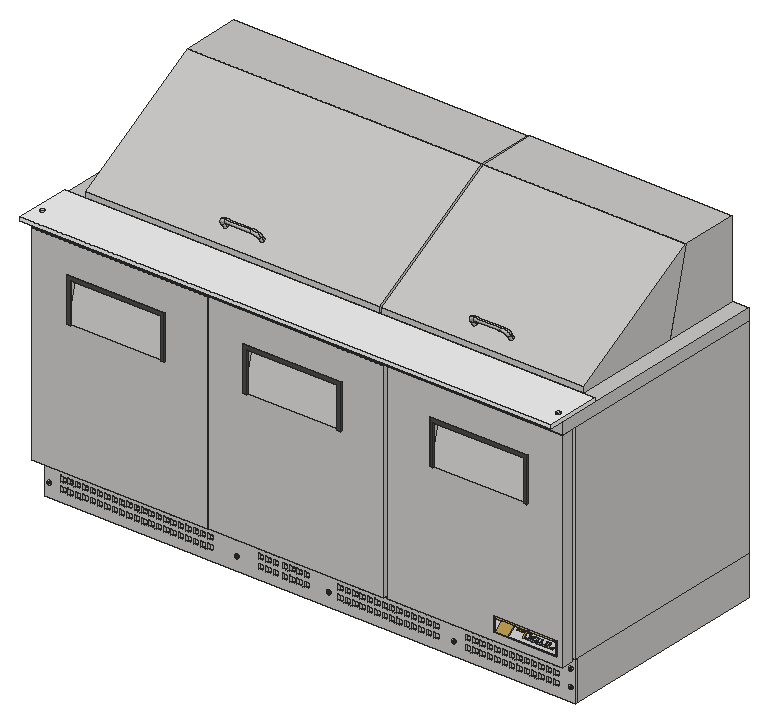
Revit family
Parameters
  Weight = "530"
  Watts = FL Amps * Volts  # 586.5 W
  Volts = 115 V
  URL Manufacturer = "www.truemfg.com"
  URL Cutsheet = "www.truemfg.com"
  URL = "www.truemfg.com"
  Type Mark [instance] = ""
  Status [instance] = ""
  Specification by User [instance] = ""
  Specification by Manufacturer = ""
  Show Logo [instance] = yes
  Show Clearance [instance] = yes
  Serial Number = ""
  Seismic Rating = ""
  SMACNA No = ""
  Revision Code [instance] = ""
  Phase = 1
  Omniclass Number and Title = ""
  Number of Poles [instance] = 1
  NAFEM Spec ID Number = ""
  Model = "TFP-72-30M"
  Min Ckt Ampacity = 0 A
  Max Overcurrent Protection = 0 A
  MasterSpec. = ""
  Manufacturer = "TRUE FOOD SERVICE EQUIPMENT, INC."
  Item Number [instance] = ""
  Installed By [instance] = ""
  Identify Quantity as Lot [instance] = yes
  HP = "1/3"
  Furnished By [instance] = ""
  Foodservice Equipment Identifier [instance] = yes
  FL Amps = 5.1 A
  Electrical Remarks [instance] = ""
  Electric Connection Type [instance] = ""
  Elec Conn RI Height [instance] = 0"
  Elec Conn Connection Height [instance] = 0"
  Description = "FOOD PREP UNIT"
  Cycle = 60 Hz
  Conn Plug = "5-15P"
  Conn Conduit = yes
  CSI MasterFormat = ""
  CSI Master Format = ""
  Apparent Power = if(Phase = 3, Volts * FL Amps * 1.73, Volts * FL Amps)  # 586.5 VA
Reference planes (in)
  plane 1 "BACK": y = -16.5
  plane 2: z = 0
  plane 3 "LEFT": x = 0
  plane 4 "RIGHT": x = 72.125
  plane 5 "FRONT": y = -50.03125
  plane 6 "TOP": z = 46.5
  plane 7: x = 64.125
  plane 8: x = 21.1875
  plane 9: x = 72.125
  plane 10: x = 56.1875
  plane 11: y = -70.5
Forms (in)
  Extrusion 1, solid, material "QF_Finishes_Stainless Steel"
    sketch origin (5.23438, 0, 0) x (0, 1, 0) y (0, 0, 1)
      loop
        line (-16.5, 36) -> (-16.5, 46.5) -> (-24.34375, 46.5) -> (-27.1875, 36) -> (-16.5, 36)
    from -3.01563 to 36.95313
  Extrusion 2, solid, material "QF_Finishes_Stainless Steel"
    sketch origin (2.15638, 0, 0) x (0, 1, 0) y (0, 0, 1)
      loop
        line (-27.1875, 36) -> (-24.34375, 46.5) -> (-41.71875, 36.68893) -> (-41.71875, 36) -> (-27.1875, 36)
    from 0.06237 to 40.03112
  Extrusion 3, solid, material "QF_Finishes_Stainless Steel"
    sketch origin (0, 0, 0) x (0, 1, 0) y (0, 0, 1)
      loop
        line (-48, 36) -> (-48, 34.40823) -> (-16.5, 34.40823) -> (-16.5, 36) -> (-48, 36)
    from 0 to 72.125
  Extrusion 4, solid, material "QF_Finishes_Stainless Steel"
    sketch origin (0, 0, 0) x (0, 1, 0) y (0, 0, 1)
      loop
        line (-45.87, 34.40823) -> (-45.87, 6.04042) -> (-16.96875, 6.04042) -> (-16.96875, 3.25) -> (-45.12, 3.25) -> (-45.12, 1) -> (-45.62, 1) -> (-45.62, 0.75) -> (-44.87, 0.75) -> (-44.87, 3) -> (-16.96875, 3) -> (-16.96875, 0.75) -> (-16.5, 0.75) -> (-16.5, 34.40823) -> (-45.87, 34.40823)
    from 0 to 72.125
  Extrusion 5, solid, material "QF_Finishes_Stainless Steel"
    sketch origin (0, -16.5, 0) x (1, 0, 0) y (0, 0, 1)
      loop
        line (0, 0.75) -> (0.53645, 0.75) -> (0.53645, 6.04042) -> (0, 6.04042) -> (0, 0.75)
    from 0 to 29.12
  Extrusion 6, solid, material "QF_Finishes_White"
    sketch origin (0, 0, 0) x (0, 1, 0) y (0, 0, 1)
      loop
        line (-50.03125, 36.5) -> (-50.03125, 36) -> (-42.53125, 36) -> (-42.53125, 36.5) -> (-50.03125, 36.5)
    from 0 to 72.125
  Sweep 7, solid, material "QF_Finishes_Stainless Steel"
    path origin (5.98818, -19.52146, 7.92906) x (1, 0, 0) y (0, -0.560766, 0.827974)
      loop
        line (18.42574, 36.0969) -> (18.42574, 36.8469)
        arc (18.42574, 36.8469) -> (18.29892, 37.15309) -> (17.99273, 37.27992) r 0.43301
        line (17.99273, 37.27992) -> (14.37051, 37.27992)
        arc (14.37051, 37.27992) -> (14.06433, 37.15309) -> (13.9375, 36.8469) r 0.43301
        line (13.9375, 36.8469) -> (13.9375, 36.0969)
    profile origin (19.92568, -39.97367, 38.12686) x (1, 0, 0) y (0, -0.827974, -0.560766)
      loop
        circle (-0.25, 0) r 0.25
  Extrusion 8, solid, material "QF_Finishes_Handrails and Railings"
    sketch origin (0, -45.87, 0) x (1, 0, 0) y (0, 0, 1)
      loop
        circle (0.625, 4.80001) r 0.25
      loop
        circle (0.625, 2.55001) r 0.25
      loop
        line (0.60938, 4.93254) -> (0.60938, 4.81564) -> (0.49788, 4.81564) -> (0.49788, 4.78439) -> (0.60938, 4.78439) -> (0.60938, 4.66749) -> (0.64063, 4.66749) -> (0.64063, 4.78439) -> (0.75212, 4.78439) -> (0.75212, 4.81564) -> (0.64063, 4.81564) -> (0.64063, 4.93254) -> (0.60938, 4.93254)
      loop
        line (0.60937, 2.68254) -> (0.60937, 2.56564) -> (0.49788, 2.56564) -> (0.49788, 2.53439) -> (0.60937, 2.53439) -> (0.60937, 2.41749) -> (0.64062, 2.41749) -> (0.64062, 2.53439) -> (0.75212, 2.53439) -> (0.75212, 2.56564) -> (0.64062, 2.56564) -> (0.64062, 2.68254) -> (0.60937, 2.68254)
    from 0 to 0.0625
  Extrusion 9, solid, material "QF_Finishes_Satin - Goldenrod", visible <- "Show Logo"
    sketch origin (61.86083, -13.23203, -22.37075) x (1, 0, 0) y (0, 0, 1)
      loop
        line (4.18351, 31.09206) -> (4.10478, 30.92323) -> (5.15208, 30.92323)
        arc (5.15208, 30.92323) -> (5.17333, 30.88564) -> (5.15208, 30.84805) r 0.04386
        line (5.15208, 30.84805) -> (4.87892, 30.26228)
        arc (4.87892, 30.26228) -> (4.87656, 30.20802) -> (4.91325, 30.16798) r 0.07096
        line (4.91325, 30.16798) -> (5.5829, 30.16798)
        arc (5.5829, 30.16798) -> (5.66746, 30.19464) -> (5.72144, 30.26498) r 0.14742
        line (5.72144, 30.26498) -> (5.9364, 30.72597) -> (6.1339, 30.72597)
        arc (6.1339, 30.72597) -> (6.18572, 30.70692) -> (6.17822, 30.65222) r 0.04405
        line (6.17822, 30.65222) -> (5.99835, 30.26649)
        arc (5.99835, 30.26649) -> (6.00115, 30.20243) -> (6.05523, 30.16798) r 0.06943
        line (6.05523, 30.16798) -> (6.64365, 30.16798)
        arc (6.64365, 30.16798) -> (6.68873, 30.18439) -> (6.71272, 30.22594) r 0.07014
        arc (6.71272, 30.22594) -> (6.7297, 30.18495) -> (6.77068, 30.16798) r 0.05796
        line (6.77068, 30.16798) -> (7.14325, 30.16798)
        arc (7.14325, 30.16798) -> (7.18629, 30.17951) -> (7.2178, 30.21102) r 0.08608
        arc (7.2178, 30.21102) -> (7.23289, 30.1746) -> (7.26931, 30.15952) r 0.0515
        line (7.26931, 30.15952) -> (7.79882, 30.15952)
        arc (7.79882, 30.15952) -> (7.84211, 30.17745) -> (7.86005, 30.22074) r 0.06122
        arc (7.86005, 30.22074) -> (7.89973, 30.18105) -> (7.95394, 30.16653) r 0.10842
        line (7.95394, 30.16653) -> (8.94586, 30.16653) -> (9.05604, 30.35737) -> (8.05555, 30.35737)
        arc (8.05555, 30.35737) -> (8.02794, 30.37652) -> (8.02691, 30.41011) r 0.03732
        line (8.02691, 30.41011) -> (8.04422, 30.44722)
        arc (8.04422, 30.44722) -> (8.07079, 30.48203) -> (8.11255, 30.49524) r 0.07263
        line (8.11255, 30.49524) -> (8.43414, 30.49524)
        arc (8.43414, 30.49524) -> (8.50355, 30.51383) -> (8.55436, 30.56465) r 0.13882
        line (8.55436, 30.56465) -> (8.6475, 30.72597)
        arc (8.6475, 30.72597) -> (8.6475, 30.81208) -> (8.57293, 30.85513) r 0.08611
        line (8.57293, 30.85513) -> (8.23352, 30.85513)
        arc (8.23352, 30.85513) -> (8.14699, 30.84044) -> (8.08663, 30.77673) r 0.13863
        line (8.08663, 30.77673) -> (7.92534, 30.43083)
        arc (7.92534, 30.43083) -> (7.87774, 30.3688) -> (7.80316, 30.34528) r 0.13002
        line (7.80316, 30.34528) -> (7.45109, 30.34528)
        arc (7.45109, 30.34528) -> (7.40895, 30.39128) -> (7.41167, 30.4536) r 0.08151
        line (7.41167, 30.4536) -> (7.59891, 30.85513) -> (7.47974, 30.85513) -> (7.28137, 30.42972)
        arc (7.28137, 30.42972) -> (7.24283, 30.37949) -> (7.18244, 30.36046) r 0.10527
        line (7.18244, 30.36046) -> (6.93967, 30.36046)
        arc (6.93967, 30.36046) -> (6.89865, 30.41392) -> (6.90744, 30.48073) r 0.08805
        line (6.90744, 30.48073) -> (7.08203, 30.85513) -> (6.95897, 30.85513) -> (6.75801, 30.42418)
        arc (6.75801, 30.42418) -> (6.71136, 30.37753) -> (6.64764, 30.36046) r 0.12745
        line (6.64764, 30.36046) -> (6.29609, 30.36046)
        arc (6.29609, 30.36046) -> (6.23295, 30.3899) -> (6.22688, 30.4593) r 0.06967
        line (6.22688, 30.4593) -> (6.34243, 30.70711) -> (6.50577, 30.70711)
        arc (6.50577, 30.70711) -> (6.53334, 30.79018) -> (6.592, 30.85513) r 0.21289
        line (6.592, 30.85513) -> (5.95369, 30.85513)
        arc (5.95369, 30.85513) -> (5.88276, 30.83941) -> (5.83367, 30.78584) r 0.12081
        line (5.83367, 30.78584) -> (5.66065, 30.4148)
        arc (5.66065, 30.4148) -> (5.62087, 30.37502) -> (5.56653, 30.36046) r 0.10869
        line (5.56653, 30.36046) -> (5.18545, 30.36046)
        arc (5.18545, 30.36046) -> (5.15571, 30.40065) -> (5.16137, 30.45033) r 0.06822
        line (5.16137, 30.45033) -> (5.41281, 30.92323) -> (6.04721, 30.92323) -> (6.12594, 31.09206) -> (5.49154, 31.09206) -> (5.57027, 31.2609) -> (5.34459, 31.2609) -> (5.26586, 31.09206) -> (4.18351, 31.09206)
      loop
        arc (8.19062, 30.70184) -> (8.16316, 30.69448) -> (8.14305, 30.67438) r 0.05494
        line (8.14305, 30.67438) -> (8.12672, 30.62415)
        arc (8.12672, 30.62415) -> (8.13429, 30.60587) -> (8.15258, 30.59829) r 0.02586
        line (8.15258, 30.59829) -> (8.43014, 30.59829)
        arc (8.43014, 30.59829) -> (8.45013, 30.60273) -> (8.46638, 30.6152) r 0.04731
        line (8.46638, 30.6152) -> (8.47988, 30.6777)
        arc (8.47988, 30.6777) -> (8.47591, 30.69443) -> (8.46039, 30.70184) r 0.01994
        line (8.46039, 30.70184) -> (8.19062, 30.70184)
      loop
        line (1.13539, 29.6475) -> (2.84485, 29.6475) -> (3.77016, 31.25018) -> (2.0607, 31.25018) -> (1.13539, 29.6475)
    from 34.76797 to 34.83173
  Extrusion 10, solid, material "QF_Finishes_White", visible <- "Show Logo"
    sketch origin (-2.64127, -13.25, -25.21535) x (1, 0, 0) y (0, 0, 1)
      loop
        line (73.84232, 34.15728) -> (65.51732, 34.15728) -> (65.51732, 32.4296) -> (73.84232, 32.4296) -> (73.84232, 34.15728)
    from 34.75 to 34.76797
  Extrusion 11, solid, material "QF_Finishes_Satin - Goldenrod", visible <- "Show Logo"
    sketch origin (-2.64127, -13.25, -25.21535) x (1, 0, 0) y (0, 0, 1)
      loop
        line (73.97982, 34.29477) -> (65.37982, 34.29477) -> (65.37982, 32.2921) -> (73.97982, 32.2921) -> (73.97982, 34.29477)
      loop
        line (65.51732, 34.15728) -> (65.51732, 32.4296) -> (73.84232, 32.4296) -> (73.84232, 34.15728) -> (65.51732, 34.15728)
    from 34.75 to 34.80335
  Revolve 12, solid, material "QF_Finishes_Black"
    sketch origin (1.76401, -42.04829, 0.25) x (1, 0, 0) y (0, 0, 1)
      loop
        line (2.62908, 2.14592) -> (2.525, 2.25) -> (1.475, 2.25) -> (1.375, 2.15) -> (1.375, 1.10871) -> (1.05969, 1.10871) -> (1.05969, 1) -> (2.94031, 1) -> (2.94031, 1.10871) -> (2.62908, 1.10871) -> (2.62908, 2.14592)
      axis (2.94031, 1) -> (1.05969, 1)
    angle from 0 to 360
  Revolve 13, solid, material "QF_Finishes_Chrome - Satin"
    sketch origin (1.76605, -42.79776, -2.97972) x (1, 0, 0) y (0, 0, 1)
      loop
        line (2, 5.74546) -> (2, 5.97972) -> (0.70293, 5.97972) -> (0.70293, 5.74546) -> (2, 5.74546)
      axis (2, 5.74546) -> (2, 5.97972)
    angle from 0 to 360
  Extrusion 14, solid, material "QF_Finishes_Handrails and Railings"
    sketch origin (-46.0152, -14.33096, -2.47972) x (0, 1, 0) y (0, 0, 1)
      loop
        line (-29.85761, 5.24546) -> (-29.85761, 5.04886) -> (-27.1095, 5.04886) -> (-27.1095, 5.24546) -> (-29.85761, 5.24546)
    from 49.10625 to 50.45625
  Extrusion 15, solid, material "QF_Finishes_Handrails and Railings"
    sketch origin (1.76605, -12.67471, -2.21999) x (0, 1, 0) y (0, 0, 1)
      loop
        line (-31.51386, 4.98574) -> (-31.51386, 4.78914) -> (-31.17057, 4.78914) -> (-29.89421, 3.10275)
        arc (-29.89421, 3.10275) -> (-29.21858, 2.8289) -> (-28.76575, 3.40024) r 0.60806
        line (-28.76575, 3.40024) -> (-28.76575, 4.98574) -> (-31.51386, 4.98574)
    from 1.175 to 1.325
  Extrusion 16, solid, material "QF_Finishes_Handrails and Railings"
    sketch origin (5.76605, -12.67471, -2.21999) x (0, 1, 0) y (0, 0, -1)
      loop
        line (-31.51386, -4.98574) -> (-28.76575, -4.98574) -> (-28.76575, -3.40024)
        arc (-28.76575, -3.40024) -> (-29.21858, -2.8289) -> (-29.89421, -3.10275) r 0.60806
        line (-29.89421, -3.10275) -> (-31.17057, -4.78914) -> (-31.51386, -4.78914) -> (-31.51386, -4.98574)
    from 1.175 to 1.325
  Revolve 17, solid, material "QF_Finishes_Black"
    sketch origin (1.76401, -18.86079, 0.25) x (1, 0, 0) y (0, 0, 1)
      loop
        line (2.62908, 2.14592) -> (2.525, 2.25) -> (1.475, 2.25) -> (1.375, 2.15) -> (1.375, 1.10871) -> (1.05969, 1.10871) -> (1.05969, 1) -> (2.94031, 1) -> (2.94031, 1.10871) -> (2.62908, 1.10871) -> (2.62908, 2.14592)
      axis (2.94031, 1) -> (1.05969, 1)
    angle from 0 to 360
  Revolve 18, solid, material "QF_Finishes_Chrome - Satin"
    sketch origin (1.76605, -19.61026, -2.97972) x (1, 0, 0) y (0, 0, 1)
      loop
        line (2, 5.74546) -> (2, 5.97972) -> (0.70293, 5.97972) -> (0.70293, 5.74546) -> (2, 5.74546)
      axis (2, 5.74546) -> (2, 5.97972)
    angle from 0 to 360
  Extrusion 19, solid, material "QF_Finishes_Handrails and Railings"
    sketch origin (-46.0152, 8.85654, -2.47972) x (0, 1, 0) y (0, 0, 1)
      loop
        line (-29.85761, 5.24546) -> (-29.85761, 5.04886) -> (-27.1095, 5.04886) -> (-27.1095, 5.24546) -> (-29.85761, 5.24546)
    from 49.10625 to 50.45625
  Extrusion 20, solid, material "QF_Finishes_Handrails and Railings"
    sketch origin (1.76605, 10.51279, -2.21999) x (0, 1, 0) y (0, 0, 1)
      loop
        line (-31.51386, 4.98574) -> (-31.51386, 4.78914) -> (-31.17057, 4.78914) -> (-29.89421, 3.10275)
        arc (-29.89421, 3.10275) -> (-29.21858, 2.8289) -> (-28.76575, 3.40024) r 0.60806
        line (-28.76575, 3.40024) -> (-28.76575, 4.98574) -> (-31.51386, 4.98574)
    from 1.175 to 1.325
  Extrusion 21, solid, material "QF_Finishes_Handrails and Railings"
    sketch origin (5.76605, 10.51279, -2.21999) x (0, 1, 0) y (0, 0, -1)
      loop
        line (-31.51386, -4.98574) -> (-28.76575, -4.98574) -> (-28.76575, -3.40024)
        arc (-28.76575, -3.40024) -> (-29.21858, -2.8289) -> (-29.89421, -3.10275) r 0.60806
        line (-29.89421, -3.10275) -> (-31.17057, -4.78914) -> (-31.51386, -4.78914) -> (-31.51386, -4.98574)
    from 1.175 to 1.325
  Extrusion 22, solid, material "QF_Finishes_Stainless Steel"
    sketch origin (40, -16.5, 0) x (1, 0, 0) y (0, 0, 1)
      loop
        circle (29.81237, 6.1875) r 0.25
    from 0 to 0.125
  Extrusion 23, solid, material "QF_Finishes_Handrails and Railings"
    sketch origin (0, 0, 36.5) x (1, 0, 0) y (0, 1, 0)
      loop
        circle (1, -47.5255) r 0.25
    from 0 to 0.0625
  Extrusion 24, solid, material "QF_Finishes_Stainless Steel"
    sketch origin (8, -16, 0) x (1, 0, 0) y (0, 0, 1)
      loop
        line (-8, 0.75) -> (64.125, 0.75) -> (64.125, 6.05001) -> (-8, 6.05001) -> (-8, 0.75)
      loop
        line (-5.8125, 5.23339) -> (-5.8125, 4.48339) -> (-5.0625, 4.48339) -> (-5.0625, 5.23339) -> (-5.8125, 5.23339)
      loop
        line (-3.8125, 5.23339) -> (-3.8125, 4.48339) -> (-3.0625, 4.48339) -> (-3.0625, 5.23339) -> (-3.8125, 5.23339)
      loop
        line (-1.8125, 5.23339) -> (-1.8125, 4.48339) -> (-1.0625, 4.48339) -> (-1.0625, 5.23339) -> (-1.8125, 5.23339)
      loop
        line (0.1875, 5.23339) -> (0.1875, 4.48339) -> (0.9375, 4.48339) -> (0.9375, 5.23339) -> (0.1875, 5.23339)
      loop
        line (2.1875, 5.23339) -> (2.1875, 4.48339) -> (2.9375, 4.48339) -> (2.9375, 5.23339) -> (2.1875, 5.23339)
      loop
        line (4.1875, 5.23339) -> (4.1875, 4.48339) -> (4.9375, 4.48339) -> (4.9375, 5.23339) -> (4.1875, 5.23339)
      loop
        line (6.1875, 5.23339) -> (6.1875, 4.48339) -> (6.9375, 4.48339) -> (6.9375, 5.23339) -> (6.1875, 5.23339)
      loop
        line (-5.8125, 3.98339) -> (-5.8125, 3.23339) -> (-5.0625, 3.23339) -> (-5.0625, 3.98339) -> (-5.8125, 3.98339)
      loop
        line (-3.8125, 3.98339) -> (-3.8125, 3.23339) -> (-3.0625, 3.23339) -> (-3.0625, 3.98339) -> (-3.8125, 3.98339)
      loop
        line (-1.8125, 3.98339) -> (-1.8125, 3.23339) -> (-1.0625, 3.23339) -> (-1.0625, 3.98339) -> (-1.8125, 3.98339)
      loop
        line (0.1875, 3.98339) -> (0.1875, 3.23339) -> (0.9375, 3.23339) -> (0.9375, 3.98339) -> (0.1875, 3.98339)
      loop
        line (2.1875, 3.98339) -> (2.1875, 3.23339) -> (2.9375, 3.23339) -> (2.9375, 3.98339) -> (2.1875, 3.98339)
      loop
        line (4.1875, 3.98339) -> (4.1875, 3.23339) -> (4.9375, 3.23339) -> (4.9375, 3.98339) -> (4.1875, 3.98339)
      loop
        line (6.1875, 3.98339) -> (6.1875, 3.23339) -> (6.9375, 3.23339) -> (6.9375, 3.98339) -> (6.1875, 3.98339)
      loop
        line (-5.8125, 2.73339) -> (-5.8125, 1.98339) -> (-5.0625, 1.98339) -> (-5.0625, 2.73339) -> (-5.8125, 2.73339)
      loop
        line (-3.8125, 2.73339) -> (-3.8125, 1.98339) -> (-3.0625, 1.98339) -> (-3.0625, 2.73339) -> (-3.8125, 2.73339)
      loop
        line (-1.8125, 2.73339) -> (-1.8125, 1.98339) -> (-1.0625, 1.98339) -> (-1.0625, 2.73339) -> (-1.8125, 2.73339)
      loop
        line (0.1875, 2.73339) -> (0.1875, 1.98339) -> (0.9375, 1.98339) -> (0.9375, 2.73339) -> (0.1875, 2.73339)
      loop
        line (2.1875, 2.73339) -> (2.1875, 1.98339) -> (2.9375, 1.98339) -> (2.9375, 2.73339) -> (2.1875, 2.73339)
      loop
        line (4.1875, 2.73339) -> (4.1875, 1.98339) -> (4.9375, 1.98339) -> (4.9375, 2.73339) -> (4.1875, 2.73339)
      loop
        line (6.1875, 2.73339) -> (6.1875, 1.98339) -> (6.9375, 1.98339) -> (6.9375, 2.73339) -> (6.1875, 2.73339)
      loop
        line (-4.8125, 5.23339) -> (-4.8125, 4.48339) -> (-4.0625, 4.48339) -> (-4.0625, 5.23339) -> (-4.8125, 5.23339)
      loop
        line (-4.8125, 3.98339) -> (-4.8125, 3.23339) -> (-4.0625, 3.23339) -> (-4.0625, 3.98339) -> (-4.8125, 3.98339)
      loop
        line (-4.8125, 2.73339) -> (-4.8125, 1.98339) -> (-4.0625, 1.98339) -> (-4.0625, 2.73339) -> (-4.8125, 2.73339)
      loop
        line (-2.8125, 5.23339) -> (-2.8125, 4.48339) -> (-2.0625, 4.48339) -> (-2.0625, 5.23339) -> (-2.8125, 5.23339)
      loop
        line (-2.8125, 3.98339) -> (-2.8125, 3.23339) -> (-2.0625, 3.23339) -> (-2.0625, 3.98339) -> (-2.8125, 3.98339)
      loop
        line (-2.8125, 2.73339) -> (-2.8125, 1.98339) -> (-2.0625, 1.98339) -> (-2.0625, 2.73339) -> (-2.8125, 2.73339)
      loop
        line (-0.8125, 5.23339) -> (-0.8125, 4.48339) -> (-0.0625, 4.48339) -> (-0.0625, 5.23339) -> (-0.8125, 5.23339)
      loop
        line (-0.8125, 3.98339) -> (-0.8125, 3.23339) -> (-0.0625, 3.23339) -> (-0.0625, 3.98339) -> (-0.8125, 3.98339)
      loop
        line (-0.8125, 2.73339) -> (-0.8125, 1.98339) -> (-0.0625, 1.98339) -> (-0.0625, 2.73339) -> (-0.8125, 2.73339)
      loop
        line (1.1875, 5.23339) -> (1.1875, 4.48339) -> (1.9375, 4.48339) -> (1.9375, 5.23339) -> (1.1875, 5.23339)
      loop
        line (1.1875, 3.98339) -> (1.1875, 3.23339) -> (1.9375, 3.23339) -> (1.9375, 3.98339) -> (1.1875, 3.98339)
      loop
        line (1.1875, 2.73339) -> (1.1875, 1.98339) -> (1.9375, 1.98339) -> (1.9375, 2.73339) -> (1.1875, 2.73339)
      loop
        line (3.1875, 5.23339) -> (3.1875, 4.48339) -> (3.9375, 4.48339) -> (3.9375, 5.23339) -> (3.1875, 5.23339)
      loop
        line (3.1875, 3.98339) -> (3.1875, 3.23339) -> (3.9375, 3.23339) -> (3.9375, 3.98339) -> (3.1875, 3.98339)
      loop
        line (3.1875, 2.73339) -> (3.1875, 1.98339) -> (3.9375, 1.98339) -> (3.9375, 2.73339) -> (3.1875, 2.73339)
      loop
        line (5.1875, 5.23339) -> (5.1875, 4.48339) -> (5.9375, 4.48339) -> (5.9375, 5.23339) -> (5.1875, 5.23339)
      loop
        line (5.1875, 3.98339) -> (5.1875, 3.23339) -> (5.9375, 3.23339) -> (5.9375, 3.98339) -> (5.1875, 3.98339)
      loop
        line (5.1875, 2.73339) -> (5.1875, 1.98339) -> (5.9375, 1.98339) -> (5.9375, 2.73339) -> (5.1875, 2.73339)
      loop
        line (8.1875, 5.23339) -> (8.1875, 4.48339) -> (8.9375, 4.48339) -> (8.9375, 5.23339) -> (8.1875, 5.23339)
      loop
        line (10.1875, 5.23339) -> (10.1875, 4.48339) -> (10.9375, 4.48339) -> (10.9375, 5.23339) -> (10.1875, 5.23339)
      loop
        line (8.1875, 3.98339) -> (8.1875, 3.23339) -> (8.9375, 3.23339) -> (8.9375, 3.98339) -> (8.1875, 3.98339)
      loop
        line (10.1875, 3.98339) -> (10.1875, 3.23339) -> (10.9375, 3.23339) -> (10.9375, 3.98339) -> (10.1875, 3.98339)
      loop
        line (8.1875, 2.73339) -> (8.1875, 1.98339) -> (8.9375, 1.98339) -> (8.9375, 2.73339) -> (8.1875, 2.73339)
      loop
        line (10.1875, 2.73339) -> (10.1875, 1.98339) -> (10.9375, 1.98339) -> (10.9375, 2.73339) -> (10.1875, 2.73339)
      loop
        line (7.1875, 5.23339) -> (7.1875, 4.48339) -> (7.9375, 4.48339) -> (7.9375, 5.23339) -> (7.1875, 5.23339)
      loop
        line (7.1875, 3.98339) -> (7.1875, 3.23339) -> (7.9375, 3.23339) -> (7.9375, 3.98339) -> (7.1875, 3.98339)
      loop
        line (7.1875, 2.73339) -> (7.1875, 1.98339) -> (7.9375, 1.98339) -> (7.9375, 2.73339) -> (7.1875, 2.73339)
      loop
        line (9.1875, 5.23339) -> (9.1875, 4.48339) -> (9.9375, 4.48339) -> (9.9375, 5.23339) -> (9.1875, 5.23339)
      loop
        line (9.1875, 3.98339) -> (9.1875, 3.23339) -> (9.9375, 3.23339) -> (9.9375, 3.98339) -> (9.1875, 3.98339)
      loop
        line (9.1875, 2.73339) -> (9.1875, 1.98339) -> (9.9375, 1.98339) -> (9.9375, 2.73339) -> (9.1875, 2.73339)
      loop
        line (11.1875, 5.23339) -> (11.1875, 4.48339) -> (11.9375, 4.48339) -> (11.9375, 5.23339) -> (11.1875, 5.23339)
      loop
        line (11.1875, 3.98339) -> (11.1875, 3.23339) -> (11.9375, 3.23339) -> (11.9375, 3.98339) -> (11.1875, 3.98339)
      loop
        line (11.1875, 2.73339) -> (11.1875, 1.98339) -> (11.9375, 1.98339) -> (11.9375, 2.73339) -> (11.1875, 2.73339)
      loop
        line (24.3125, 5.23339) -> (24.3125, 4.48339) -> (25.0625, 4.48339) -> (25.0625, 5.23339) -> (24.3125, 5.23339)
      loop
        line (26.3125, 5.23339) -> (26.3125, 4.48339) -> (27.0625, 4.48339) -> (27.0625, 5.23339) -> (26.3125, 5.23339)
      loop
        line (31.875, 5.23339) -> (31.875, 4.48339) -> (32.625, 4.48339) -> (32.625, 5.23339) -> (31.875, 5.23339)
      loop
        line (33.875, 5.23339) -> (33.875, 4.48339) -> (34.625, 4.48339) -> (34.625, 5.23339) -> (33.875, 5.23339)
      loop
        line (35.875, 5.23339) -> (35.875, 4.48339) -> (36.625, 4.48339) -> (36.625, 5.23339) -> (35.875, 5.23339)
      loop
        line (37.875, 5.23339) -> (37.875, 4.48339) -> (38.625, 4.48339) -> (38.625, 5.23339) -> (37.875, 5.23339)
      loop
        line (39.875, 5.23339) -> (39.875, 4.48339) -> (40.625, 4.48339) -> (40.625, 5.23339) -> (39.875, 5.23339)
      loop
        line (24.3125, 3.98339) -> (24.3125, 3.23339) -> (25.0625, 3.23339) -> (25.0625, 3.98339) -> (24.3125, 3.98339)
      loop
        line (26.3125, 3.98339) -> (26.3125, 3.23339) -> (27.0625, 3.23339) -> (27.0625, 3.98339) -> (26.3125, 3.98339)
      loop
        line (31.875, 3.98339) -> (31.875, 3.23339) -> (32.625, 3.23339) -> (32.625, 3.98339) -> (31.875, 3.98339)
      loop
        line (33.875, 3.98339) -> (33.875, 3.23339) -> (34.625, 3.23339) -> (34.625, 3.98339) -> (33.875, 3.98339)
      loop
        line (35.875, 3.98339) -> (35.875, 3.23339) -> (36.625, 3.23339) -> (36.625, 3.98339) -> (35.875, 3.98339)
      loop
        line (37.875, 3.98339) -> (37.875, 3.23339) -> (38.625, 3.23339) -> (38.625, 3.98339) -> (37.875, 3.98339)
      loop
        line (39.875, 3.98339) -> (39.875, 3.23339) -> (40.625, 3.23339) -> (40.625, 3.98339) -> (39.875, 3.98339)
      loop
        line (24.3125, 2.73339) -> (24.3125, 1.98339) -> (25.0625, 1.98339) -> (25.0625, 2.73339) -> (24.3125, 2.73339)
      loop
        line (26.3125, 2.73339) -> (26.3125, 1.98339) -> (27.0625, 1.98339) -> (27.0625, 2.73339) -> (26.3125, 2.73339)
      loop
        line (31.875, 2.73339) -> (31.875, 1.98339) -> (32.625, 1.98339) -> (32.625, 2.73339) -> (31.875, 2.73339)
      loop
        line (33.875, 2.73339) -> (33.875, 1.98339) -> (34.625, 1.98339) -> (34.625, 2.73339) -> (33.875, 2.73339)
      loop
        line (35.875, 2.73339) -> (35.875, 1.98339) -> (36.625, 1.98339) -> (36.625, 2.73339) -> (35.875, 2.73339)
      loop
        line (37.875, 2.73339) -> (37.875, 1.98339) -> (38.625, 1.98339) -> (38.625, 2.73339) -> (37.875, 2.73339)
      loop
        line (39.875, 2.73339) -> (39.875, 1.98339) -> (40.625, 1.98339) -> (40.625, 2.73339) -> (39.875, 2.73339)
      loop
        line (25.3125, 5.23339) -> (25.3125, 4.48339) -> (26.0625, 4.48339) -> (26.0625, 5.23339) -> (25.3125, 5.23339)
      loop
        line (25.3125, 3.98339) -> (25.3125, 3.23339) -> (26.0625, 3.23339) -> (26.0625, 3.98339) -> (25.3125, 3.98339)
      loop
        line (25.3125, 2.73339) -> (25.3125, 1.98339) -> (26.0625, 1.98339) -> (26.0625, 2.73339) -> (25.3125, 2.73339)
      loop
        line (27.3125, 5.23339) -> (27.3125, 4.48339) -> (28.0625, 4.48339) -> (28.0625, 5.23339) -> (27.3125, 5.23339)
      loop
        line (27.3125, 3.98339) -> (27.3125, 3.23339) -> (28.0625, 3.23339) -> (28.0625, 3.98339) -> (27.3125, 3.98339)
      loop
        line (27.3125, 2.73339) -> (27.3125, 1.98339) -> (28.0625, 1.98339) -> (28.0625, 2.73339) -> (27.3125, 2.73339)
      loop
        line (32.875, 5.23339) -> (32.875, 4.48339) -> (33.625, 4.48339) -> (33.625, 5.23339) -> (32.875, 5.23339)
      loop
        line (32.875, 3.98339) -> (32.875, 3.23339) -> (33.625, 3.23339) -> (33.625, 3.98339) -> (32.875, 3.98339)
      loop
        line (32.875, 2.73339) -> (32.875, 1.98339) -> (33.625, 1.98339) -> (33.625, 2.73339) -> (32.875, 2.73339)
      loop
        line (34.875, 5.23339) -> (34.875, 4.48339) -> (35.625, 4.48339) -> (35.625, 5.23339) -> (34.875, 5.23339)
      loop
        line (34.875, 3.98339) -> (34.875, 3.23339) -> (35.625, 3.23339) -> (35.625, 3.98339) -> (34.875, 3.98339)
      loop
        line (34.875, 2.73339) -> (34.875, 1.98339) -> (35.625, 1.98339) -> (35.625, 2.73339) -> (34.875, 2.73339)
      loop
        line (36.875, 5.23339) -> (36.875, 4.48339) -> (37.625, 4.48339) -> (37.625, 5.23339) -> (36.875, 5.23339)
      loop
        line (36.875, 3.98339) -> (36.875, 3.23339) -> (37.625, 3.23339) -> (37.625, 3.98339) -> (36.875, 3.98339)
      loop
        line (36.875, 2.73339) -> (36.875, 1.98339) -> (37.625, 1.98339) -> (37.625, 2.73339) -> (36.875, 2.73339)
      loop
        line (38.875, 5.23339) -> (38.875, 4.48339) -> (39.625, 4.48339) -> (39.625, 5.23339) -> (38.875, 5.23339)
      loop
        line (38.875, 3.98339) -> (38.875, 3.23339) -> (39.625, 3.23339) -> (39.625, 3.98339) -> (38.875, 3.98339)
      loop
        line (38.875, 2.73339) -> (38.875, 1.98339) -> (39.625, 1.98339) -> (39.625, 2.73339) -> (38.875, 2.73339)
      loop
        line (41.875, 5.23339) -> (41.875, 4.48339) -> (42.625, 4.48339) -> (42.625, 5.23339) -> (41.875, 5.23339)
      loop
        line (43.875, 5.23339) -> (43.875, 4.48339) -> (44.625, 4.48339) -> (44.625, 5.23339) -> (43.875, 5.23339)
      loop
        line (41.875, 3.98339) -> (41.875, 3.23339) -> (42.625, 3.23339) -> (42.625, 3.98339) -> (41.875, 3.98339)
      loop
        line (43.875, 3.98339) -> (43.875, 3.23339) -> (44.625, 3.23339) -> (44.625, 3.98339) -> (43.875, 3.98339)
      loop
        line (41.875, 2.73339) -> (41.875, 1.98339) -> (42.625, 1.98339) -> (42.625, 2.73339) -> (41.875, 2.73339)
      loop
        line (43.875, 2.73339) -> (43.875, 1.98339) -> (44.625, 1.98339) -> (44.625, 2.73339) -> (43.875, 2.73339)
      loop
        line (40.875, 5.23339) -> (40.875, 4.48339) -> (41.625, 4.48339) -> (41.625, 5.23339) -> (40.875, 5.23339)
      loop
        line (40.875, 3.98339) -> (40.875, 3.23339) -> (41.625, 3.23339) -> (41.625, 3.98339) -> (40.875, 3.98339)
      loop
        line (40.875, 2.73339) -> (40.875, 1.98339) -> (41.625, 1.98339) -> (41.625, 2.73339) -> (40.875, 2.73339)
      loop
        line (42.875, 5.23339) -> (42.875, 4.48339) -> (43.625, 4.48339) -> (43.625, 5.23339) -> (42.875, 5.23339)
      loop
        line (42.875, 3.98339) -> (42.875, 3.23339) -> (43.625, 3.23339) -> (43.625, 3.98339) -> (42.875, 3.98339)
      loop
        line (42.875, 2.73339) -> (42.875, 1.98339) -> (43.625, 1.98339) -> (43.625, 2.73339) -> (42.875, 2.73339)
      loop
        line (44.875, 5.23339) -> (44.875, 4.48339) -> (45.625, 4.48339) -> (45.625, 5.23339) -> (44.875, 5.23339)
      loop
        line (44.875, 3.98339) -> (44.875, 3.23339) -> (45.625, 3.23339) -> (45.625, 3.98339) -> (44.875, 3.98339)
      loop
        line (44.875, 2.73339) -> (44.875, 1.98339) -> (45.625, 1.98339) -> (45.625, 2.73339) -> (44.875, 2.73339)
      loop
        line (61.9375, 5.23339) -> (61.1875, 5.23339) -> (61.1875, 4.48339) -> (61.9375, 4.48339) -> (61.9375, 5.23339)
      loop
        line (59.9375, 5.23339) -> (59.1875, 5.23339) -> (59.1875, 4.48339) -> (59.9375, 4.48339) -> (59.9375, 5.23339)
      loop
        line (57.9375, 5.23339) -> (57.1875, 5.23339) -> (57.1875, 4.48339) -> (57.9375, 4.48339) -> (57.9375, 5.23339)
      loop
        line (55.9375, 5.23339) -> (55.1875, 5.23339) -> (55.1875, 4.48339) -> (55.9375, 4.48339) -> (55.9375, 5.23339)
      loop
        line (53.9375, 5.23339) -> (53.1875, 5.23339) -> (53.1875, 4.48339) -> (53.9375, 4.48339) -> (53.9375, 5.23339)
      loop
        line (51.9375, 5.23339) -> (51.1875, 5.23339) -> (51.1875, 4.48339) -> (51.9375, 4.48339) -> (51.9375, 5.23339)
      loop
        line (49.9375, 5.23339) -> (49.1875, 5.23339) -> (49.1875, 4.48339) -> (49.9375, 4.48339) -> (49.9375, 5.23339)
      loop
        line (61.9375, 3.98339) -> (61.1875, 3.98339) -> (61.1875, 3.23339) -> (61.9375, 3.23339) -> (61.9375, 3.98339)
      loop
        line (59.9375, 3.98339) -> (59.1875, 3.98339) -> (59.1875, 3.23339) -> (59.9375, 3.23339) -> (59.9375, 3.98339)
      loop
        line (57.9375, 3.98339) -> (57.1875, 3.98339) -> (57.1875, 3.23339) -> (57.9375, 3.23339) -> (57.9375, 3.98339)
      loop
        line (55.9375, 3.98339) -> (55.1875, 3.98339) -> (55.1875, 3.23339) -> (55.9375, 3.23339) -> (55.9375, 3.98339)
      loop
        line (53.9375, 3.98339) -> (53.1875, 3.98339) -> (53.1875, 3.23339) -> (53.9375, 3.23339) -> (53.9375, 3.98339)
      loop
        line (51.9375, 3.98339) -> (51.1875, 3.98339) -> (51.1875, 3.23339) -> (51.9375, 3.23339) -> (51.9375, 3.98339)
      loop
        line (49.9375, 3.98339) -> (49.1875, 3.98339) -> (49.1875, 3.23339) -> (49.9375, 3.23339) -> (49.9375, 3.98339)
      loop
        line (61.9375, 2.73339) -> (61.1875, 2.73339) -> (61.1875, 1.98339) -> (61.9375, 1.98339) -> (61.9375, 2.73339)
      loop
        line (59.9375, 2.73339) -> (59.1875, 2.73339) -> (59.1875, 1.98339) -> (59.9375, 1.98339) -> (59.9375, 2.73339)
      loop
        line (57.9375, 2.73339) -> (57.1875, 2.73339) -> (57.1875, 1.98339) -> (57.9375, 1.98339) -> (57.9375, 2.73339)
      loop
        line (55.9375, 2.73339) -> (55.1875, 2.73339) -> (55.1875, 1.98339) -> (55.9375, 1.98339) -> (55.9375, 2.73339)
      loop
        line (53.9375, 2.73339) -> (53.1875, 2.73339) -> (53.1875, 1.98339) -> (53.9375, 1.98339) -> (53.9375, 2.73339)
      loop
        line (51.9375, 2.73339) -> (51.1875, 2.73339) -> (51.1875, 1.98339) -> (51.9375, 1.98339) -> (51.9375, 2.73339)
      loop
        line (49.9375, 2.73339) -> (49.1875, 2.73339) -> (49.1875, 1.98339) -> (49.9375, 1.98339) -> (49.9375, 2.73339)
      loop
        line (60.9375, 5.23339) -> (60.1875, 5.23339) -> (60.1875, 4.48339) -> (60.9375, 4.48339) -> (60.9375, 5.23339)
      loop
        line (60.9375, 3.98339) -> (60.1875, 3.98339) -> (60.1875, 3.23339) -> (60.9375, 3.23339) -> (60.9375, 3.98339)
      loop
        line (60.9375, 2.73339) -> (60.1875, 2.73339) -> (60.1875, 1.98339) -> (60.9375, 1.98339) -> (60.9375, 2.73339)
      loop
        line (58.9375, 5.23339) -> (58.1875, 5.23339) -> (58.1875, 4.48339) -> (58.9375, 4.48339) -> (58.9375, 5.23339)
      loop
        line (58.9375, 3.98339) -> (58.1875, 3.98339) -> (58.1875, 3.23339) -> (58.9375, 3.23339) -> (58.9375, 3.98339)
      loop
        line (58.9375, 2.73339) -> (58.1875, 2.73339) -> (58.1875, 1.98339) -> (58.9375, 1.98339) -> (58.9375, 2.73339)
      loop
        line (56.9375, 5.23339) -> (56.1875, 5.23339) -> (56.1875, 4.48339) -> (56.9375, 4.48339) -> (56.9375, 5.23339)
      loop
        line (56.9375, 3.98339) -> (56.1875, 3.98339) -> (56.1875, 3.23339) -> (56.9375, 3.23339) -> (56.9375, 3.98339)
      loop
        line (56.9375, 2.73339) -> (56.1875, 2.73339) -> (56.1875, 1.98339) -> (56.9375, 1.98339) -> (56.9375, 2.73339)
      loop
        line (54.9375, 5.23339) -> (54.1875, 5.23339) -> (54.1875, 4.48339) -> (54.9375, 4.48339) -> (54.9375, 5.23339)
      loop
        line (54.9375, 3.98339) -> (54.1875, 3.98339) -> (54.1875, 3.23339) -> (54.9375, 3.23339) -> (54.9375, 3.98339)
      loop
        line (54.9375, 2.73339) -> (54.1875, 2.73339) -> (54.1875, 1.98339) -> (54.9375, 1.98339) -> (54.9375, 2.73339)
      loop
        line (52.9375, 5.23339) -> (52.1875, 5.23339) -> (52.1875, 4.48339) -> (52.9375, 4.48339) -> (52.9375, 5.23339)
      loop
        line (52.9375, 3.98339) -> (52.1875, 3.98339) -> (52.1875, 3.23339) -> (52.9375, 3.23339) -> (52.9375, 3.98339)
      loop
        line (52.9375, 2.73339) -> (52.1875, 2.73339) -> (52.1875, 1.98339) -> (52.9375, 1.98339) -> (52.9375, 2.73339)
      loop
        line (50.9375, 5.23339) -> (50.1875, 5.23339) -> (50.1875, 4.48339) -> (50.9375, 4.48339) -> (50.9375, 5.23339)
      loop
        line (50.9375, 3.98339) -> (50.1875, 3.98339) -> (50.1875, 3.23339) -> (50.9375, 3.23339) -> (50.9375, 3.98339)
      loop
        line (50.9375, 2.73339) -> (50.1875, 2.73339) -> (50.1875, 1.98339) -> (50.9375, 1.98339) -> (50.9375, 2.73339)
      loop
        line (13.1875, 5.23339) -> (13.1875, 4.48339) -> (13.9375, 4.48339) -> (13.9375, 5.23339) -> (13.1875, 5.23339)
      loop
        line (13.1875, 3.98339) -> (13.1875, 3.23339) -> (13.9375, 3.23339) -> (13.9375, 3.98339) -> (13.1875, 3.98339)
      loop
        line (13.1875, 2.73339) -> (13.1875, 1.98339) -> (13.9375, 1.98339) -> (13.9375, 2.73339) -> (13.1875, 2.73339)
      loop
        line (12.1875, 5.23339) -> (12.1875, 4.48339) -> (12.9375, 4.48339) -> (12.9375, 5.23339) -> (12.1875, 5.23339)
      loop
        line (12.1875, 3.98339) -> (12.1875, 3.23339) -> (12.9375, 3.23339) -> (12.9375, 3.98339) -> (12.1875, 3.98339)
      loop
        line (12.1875, 2.73339) -> (12.1875, 1.98339) -> (12.9375, 1.98339) -> (12.9375, 2.73339) -> (12.1875, 2.73339)
      loop
        line (14.1875, 5.23339) -> (14.1875, 4.48339) -> (14.9375, 4.48339) -> (14.9375, 5.23339) -> (14.1875, 5.23339)
      loop
        line (14.1875, 3.98339) -> (14.1875, 3.23339) -> (14.9375, 3.23339) -> (14.9375, 3.98339) -> (14.1875, 3.98339)
      loop
        line (14.1875, 2.73339) -> (14.1875, 1.98339) -> (14.9375, 1.98339) -> (14.9375, 2.73339) -> (14.1875, 2.73339)
      loop
        line (21.0625, 5.23339) -> (21.0625, 4.48339) -> (21.8125, 4.48339) -> (21.8125, 5.23339) -> (21.0625, 5.23339)
      loop
        line (23.0625, 5.23339) -> (23.0625, 4.48339) -> (23.8125, 4.48339) -> (23.8125, 5.23339) -> (23.0625, 5.23339)
      loop
        line (21.0625, 3.98339) -> (21.0625, 3.23339) -> (21.8125, 3.23339) -> (21.8125, 3.98339) -> (21.0625, 3.98339)
      loop
        line (23.0625, 3.98339) -> (23.0625, 3.23339) -> (23.8125, 3.23339) -> (23.8125, 3.98339) -> (23.0625, 3.98339)
      loop
        line (21.0625, 2.73339) -> (21.0625, 1.98339) -> (21.8125, 1.98339) -> (21.8125, 2.73339) -> (21.0625, 2.73339)
      loop
        line (23.0625, 2.73339) -> (23.0625, 1.98339) -> (23.8125, 1.98339) -> (23.8125, 2.73339) -> (23.0625, 2.73339)
      loop
        line (22.0625, 5.23339) -> (22.0625, 4.48339) -> (22.8125, 4.48339) -> (22.8125, 5.23339) -> (22.0625, 5.23339)
      loop
        line (22.0625, 3.98339) -> (22.0625, 3.23339) -> (22.8125, 3.23339) -> (22.8125, 3.98339) -> (22.0625, 3.98339)
      loop
        line (22.0625, 2.73339) -> (22.0625, 1.98339) -> (22.8125, 1.98339) -> (22.8125, 2.73339) -> (22.0625, 2.73339)
    from 29.62 to 29.87
  Extrusion 25, solid, material "QF_Finishes_Stainless Steel"
    sketch origin (73.125, 0, 0) x (0, 1, 0) y (0, 0, -1)
      loop
        line (-16.5, -36) -> (-27.1875, -36) -> (-24.34375, -46.5) -> (-16.5, -46.5) -> (-16.5, -36)
    from 3.1875 to 30.6875
  Extrusion 26, solid, material "QF_Finishes_Stainless Steel"
    sketch origin (72.24987, 0, 0) x (0, 1, 0) y (0, 0, -1)
      loop
        line (-27.1875, -36) -> (-41.71875, -36) -> (-41.71875, -36.68893) -> (-24.34375, -46.5) -> (-27.1875, -36)
    from 2.31237 to 29.81237
  Extrusion 27, solid, material "QF_Finishes_Stainless Steel"
    sketch origin (72.125, -16.5, 0) x (-1, 0, 0) y (0, 0, -1)
      loop
        line (0, -0.75) -> (0, -6.04042) -> (0.53645, -6.04042) -> (0.53645, -0.75) -> (0, -0.75)
    from 0 to 29.12
  Extrusion 28, solid, material "QF_Finishes_Stainless Steel"
    sketch origin (72.125, -15, 0) x (-1, 0, 0) y (0, 0, -1)
      loop
        line (23.8125, -6.04042) -> (0, -6.04042) -> (0, -34.28323) -> (23.8125, -34.28323) -> (23.8125, -6.04042)
      loop
        line (4.78125, -24.28323) -> (4.78125, -30.28323) -> (18.03125, -30.28323) -> (18.03125, -24.28323) -> (4.78125, -24.28323)
    from 31.44201 to 33
  Extrusion 29, solid, material "QF_Finishes_Black"
    sketch origin (72.125, 1.5, 0) x (0, 1, 0) y (0, 0, -1)
      loop
        line (-47.94201, -33.8406) -> (-47.37, -33.8406) -> (-47.37, -6.82675) -> (-47.94201, -6.82675) -> (-47.94201, -33.8406)
    from 0.53645 to 23.0625
  Extrusion 30, solid, material "QF_Finishes_Stainless Steel"
    sketch origin (72.125, 1.5, 0) x (0, 1, 0) y (0, 0, -1)
      loop
        line (-47.94201, -30.28323) -> (-47.94201, -24.28323) -> (-49.5, -24.28323) -> (-47.94201, -30.28323)
    from 4.78125 to 18.03125
  Extrusion 31, solid, material "QF_Finishes_Black"
    sketch origin (76.78125, -48, 0) x (-1, 0, 0) y (0, 0, -1)
      loop
        line (22.6875, -30.28323) -> (22.6875, -24.28323) -> (22.1875, -24.28323) -> (22.1875, -29.78323) -> (9.9375, -29.78323) -> (9.9375, -24.28323) -> (9.4375, -24.28323) -> (9.4375, -30.28323) -> (22.6875, -30.28323)
    from 0 to 0.125
  Extrusion 32, solid, material "QF_Finishes_Handrails and Railings"
    sketch origin (72.125, -45.87, 0) x (-1, 0, 0) y (0, 0, -1)
      loop
        circle (0.625, -4.80001) r 0.25
      loop
        circle (0.625, -2.55001) r 0.25
      loop
        line (0.60938, -4.93254) -> (0.64063, -4.93254) -> (0.64063, -4.81564) -> (0.75212, -4.81564) -> (0.75212, -4.78439) -> (0.64063, -4.78439) -> (0.64063, -4.66749) -> (0.60938, -4.66749) -> (0.60938, -4.78439) -> (0.49788, -4.78439) -> (0.49788, -4.81564) -> (0.60938, -4.81564) -> (0.60938, -4.93254)
      loop
        line (0.60938, -2.68254) -> (0.64062, -2.68254) -> (0.64062, -2.56564) -> (0.75212, -2.56564) -> (0.75212, -2.53439) -> (0.64062, -2.53439) -> (0.64062, -2.41749) -> (0.60938, -2.41749) -> (0.60938, -2.53439) -> (0.49788, -2.53439) -> (0.49788, -2.56564) -> (0.60938, -2.56564) -> (0.60938, -2.68254)
    from 0 to 0.0625
  Revolve 33, solid, material "QF_Finishes_Black"
    sketch origin (70.36099, -42.04829, 0.25) x (-1, 0, 0) y (0, 0, -1)
      loop
        line (2.62908, -2.14592) -> (2.62908, -1.10871) -> (2.94031, -1.10871) -> (2.94031, -1) -> (1.05969, -1) -> (1.05969, -1.10871) -> (1.375, -1.10871) -> (1.375, -2.15) -> (1.475, -2.25) -> (2.525, -2.25) -> (2.62908, -2.14592)
      axis (2.94031, -1) -> (1.05969, -1)
    angle from 0 to 360
  Revolve 34, solid, material "QF_Finishes_Chrome - Satin"
    sketch origin (70.35895, -42.79776, -2.97972) x (-1, 0, 0) y (0, 0, -1)
      loop
        line (2, -5.74546) -> (0.70293, -5.74546) -> (0.70293, -5.97972) -> (2, -5.97972) -> (2, -5.74546)
      axis (2, -5.74546) -> (2, -5.97972)
    angle from 0 to 360
  Extrusion 35, solid, material "QF_Finishes_Handrails and Railings"
    sketch origin (118.1402, -14.33096, -2.47972) x (0, 1, 0) y (0, 0, -1)
      loop
        line (-29.85761, -5.24546) -> (-27.1095, -5.24546) -> (-27.1095, -5.04886) -> (-29.85761, -5.04886) -> (-29.85761, -5.24546)
    from 49.10625 to 50.45625
  Extrusion 36, solid, material "QF_Finishes_Handrails and Railings"
    sketch origin (70.35895, -12.67471, -2.21999) x (0, 1, 0) y (0, 0, -1)
      loop
        line (-31.51386, -4.98574) -> (-28.76575, -4.98574) -> (-28.76575, -3.40024)
        arc (-28.76575, -3.40024) -> (-29.21858, -2.8289) -> (-29.89421, -3.10275) r 0.60806
        line (-29.89421, -3.10275) -> (-31.17057, -4.78914) -> (-31.51386, -4.78914) -> (-31.51386, -4.98574)
    from 1.175 to 1.325
  Extrusion 37, solid, material "QF_Finishes_Handrails and Railings"
    sketch origin (66.35895, -12.67471, -2.21999) x (0, 1, 0) y (0, 0, 1)
      loop
        line (-31.51386, 4.98574) -> (-31.51386, 4.78914) -> (-31.17057, 4.78914) -> (-29.89421, 3.10275)
        arc (-29.89421, 3.10275) -> (-29.21858, 2.8289) -> (-28.76575, 3.40024) r 0.60806
        line (-28.76575, 3.40024) -> (-28.76575, 4.98574) -> (-31.51386, 4.98574)
    from 1.175 to 1.325
  Revolve 38, solid, material "QF_Finishes_Black"
    sketch origin (70.36099, -18.86079, 0.25) x (-1, 0, 0) y (0, 0, -1)
      loop
        line (2.62908, -2.14592) -> (2.62908, -1.10871) -> (2.94031, -1.10871) -> (2.94031, -1) -> (1.05969, -1) -> (1.05969, -1.10871) -> (1.375, -1.10871) -> (1.375, -2.15) -> (1.475, -2.25) -> (2.525, -2.25) -> (2.62908, -2.14592)
      axis (2.94031, -1) -> (1.05969, -1)
    angle from 0 to 360
  Revolve 39, solid, material "QF_Finishes_Chrome - Satin"
    sketch origin (70.35895, -19.61026, -2.97972) x (-1, 0, 0) y (0, 0, -1)
      loop
        line (2, -5.74546) -> (0.70293, -5.74546) -> (0.70293, -5.97972) -> (2, -5.97972) -> (2, -5.74546)
      axis (2, -5.74546) -> (2, -5.97972)
    angle from 0 to 360
  Extrusion 40, solid, material "QF_Finishes_Handrails and Railings"
    sketch origin (118.1402, 8.85654, -2.47972) x (0, 1, 0) y (0, 0, -1)
      loop
        line (-29.85761, -5.24546) -> (-27.1095, -5.24546) -> (-27.1095, -5.04886) -> (-29.85761, -5.04886) -> (-29.85761, -5.24546)
    from 49.10625 to 50.45625
  Extrusion 41, solid, material "QF_Finishes_Handrails and Railings"
    sketch origin (70.35895, 10.51279, -2.21999) x (0, 1, 0) y (0, 0, -1)
      loop
        line (-31.51386, -4.98574) -> (-28.76575, -4.98574) -> (-28.76575, -3.40024)
        arc (-28.76575, -3.40024) -> (-29.21858, -2.8289) -> (-29.89421, -3.10275) r 0.60806
        line (-29.89421, -3.10275) -> (-31.17057, -4.78914) -> (-31.51386, -4.78914) -> (-31.51386, -4.98574)
    from 1.175 to 1.325
  Extrusion 42, solid, material "QF_Finishes_Handrails and Railings"
    sketch origin (66.35895, 10.51279, -2.21999) x (0, 1, 0) y (0, 0, 1)
      loop
        line (-31.51386, 4.98574) -> (-31.51386, 4.78914) -> (-31.17057, 4.78914) -> (-29.89421, 3.10275)
        arc (-29.89421, 3.10275) -> (-29.21858, 2.8289) -> (-28.76575, 3.40024) r 0.60806
        line (-28.76575, 3.40024) -> (-28.76575, 4.98574) -> (-31.51386, 4.98574)
    from 1.175 to 1.325
  Extrusion 43, solid, material "QF_Finishes_Handrails and Railings"
    sketch origin (72.125, 0, 36.5) x (-1, 0, 0) y (0, -1, 0)
      loop
        circle (1, 47.5255) r 0.25
    from 0 to 0.0625
  Extrusion 44, solid, material "QF_Finishes_Drawer Clearance", visible <- "Show Clearance", detail levels coarse
    sketch origin (87.4169, 20.29294, 0) x (-1, 0, 0) y (0, -1, 0)
      loop
        line (15.2919, 68.29294) -> (39.1044, 68.29294)
        arc (39.1044, 68.29294) -> (32.05724, 84.68548) -> (15.2919, 90.79294) r 22.5
        line (15.2919, 90.79294) -> (15.2919, 68.29294)
      loop
        line (63.4169, 68.29294) -> (63.4169, 90.79294)
        arc (63.4169, 90.79294) -> (46.65155, 84.68548) -> (39.6044, 68.29294) r 22.5
        line (39.6044, 68.29294) -> (63.4169, 68.29294)
      loop
        line (87.4169, 68.29294) -> (87.4169, 90.79294)
        arc (87.4169, 90.79294) -> (70.65155, 84.68548) -> (63.6044, 68.29294) r 22.5
        line (63.6044, 68.29294) -> (87.4169, 68.29294)
    from 6.04042 to 34.28323
  Sweep 45, solid, material "QF_Finishes_Stainless Steel"
    path origin (72.23872, -19.52146, 7.92906) x (-1, 0, 0) y (0, 0.560766, -0.827974)
      loop
        line (18.42574, -36.0969) -> (18.42574, -36.8469)
        arc (18.42574, -36.8469) -> (18.29892, -37.15309) -> (17.99273, -37.27992) r 0.43301
        line (17.99273, -37.27992) -> (14.37051, -37.27992)
        arc (14.37051, -37.27992) -> (14.06433, -37.15309) -> (13.9375, -36.8469) r 0.43301
        line (13.9375, -36.8469) -> (13.9375, -36.0969)
    profile origin (58.30122, -39.97367, 38.12686) x (1, 0, 0) y (0, -0.827974, -0.560766)
      loop
        circle (0.25, 0) r 0.25
  Extrusion 46, solid, material "QF_Finishes_Door Clearance", visible <- "Show Clearance", detail levels coarse
    sketch origin (45.8125, 0, 0) x (0, 1, 0) y (0, 0, 1)
      loop
        arc (-33.33597, 51.28125) -> (-39.80735, 45.30164) -> (-41.70413, 36.69719) r 14.71978
        line (-41.70413, 36.69719) -> (-24.34375, 46.5) -> (-33.33597, 51.28125)
    from 24.125 to -43.5
  Extrusion 47, solid, material "QF_Finishes_Stainless Steel"
    sketch origin (0, -15, 0) x (1, 0, 0) y (0, 0, 1)
      loop
        line (23.8125, 6.04042) -> (23.8125, 34.28323) -> (0, 34.28323) -> (0, 6.04042) -> (23.8125, 6.04042)
      loop
        line (4.78125, 24.28323) -> (18.03125, 24.28323) -> (18.03125, 30.28323) -> (4.78125, 30.28323) -> (4.78125, 24.28323)
    from 31.44201 to 33
  Extrusion 48, solid, material "QF_Finishes_Black"
    sketch origin (0, 1.5, 0) x (0, 1, 0) y (0, 0, 1)
      loop
        line (-47.94201, 33.8406) -> (-47.94201, 6.82675) -> (-47.37, 6.82675) -> (-47.37, 33.8406) -> (-47.94201, 33.8406)
    from 0.53645 to 23.0625
  Extrusion 49, solid, material "QF_Finishes_Stainless Steel"
    sketch origin (0, 1.5, 0) x (0, 1, 0) y (0, 0, 1)
      loop
        line (-47.94201, 30.28323) -> (-49.5, 24.28323) -> (-47.94201, 24.28323) -> (-47.94201, 30.28323)
    from 4.78125 to 18.03125
  Extrusion 50, solid, material "QF_Finishes_Black"
    sketch origin (-4.65625, -48, 0) x (1, 0, 0) y (0, 0, 1)
      loop
        line (22.6875, 30.28323) -> (9.4375, 30.28323) -> (9.4375, 24.28323) -> (9.9375, 24.28323) -> (9.9375, 29.78323) -> (22.1875, 29.78323) -> (22.1875, 24.28323) -> (22.6875, 24.28323) -> (22.6875, 30.28323)
    from 0 to 0.125
  Extrusion 51, solid, material "QF_Finishes_Stainless Steel"
    sketch origin (24, -15, 0) x (1, 0, 0) y (0, 0, 1)
      loop
        line (23.8125, 6.04042) -> (23.8125, 34.28323) -> (0, 34.28323) -> (0, 6.04042) -> (23.8125, 6.04042)
      loop
        line (4.78125, 24.28323) -> (18.03125, 24.28323) -> (18.03125, 30.28323) -> (4.78125, 30.28323) -> (4.78125, 24.28323)
    from 31.44201 to 33
  Extrusion 52, solid, material "QF_Finishes_Black"
    sketch origin (24, 1.5, 0) x (0, 1, 0) y (0, 0, 1)
      loop
        line (-47.94201, 33.8406) -> (-47.94201, 6.82675) -> (-47.37, 6.82675) -> (-47.37, 33.8406) -> (-47.94201, 33.8406)
    from 0.53645 to 23.0625
  Extrusion 53, solid, material "QF_Finishes_Stainless Steel"
    sketch origin (24, 1.5, 0) x (0, 1, 0) y (0, 0, 1)
      loop
        line (-47.94201, 30.28323) -> (-49.5, 24.28323) -> (-47.94201, 24.28323) -> (-47.94201, 30.28323)
    from 4.78125 to 18.03125
  Extrusion 54, solid, material "QF_Finishes_Black"
    sketch origin (19.34375, -48, 0) x (1, 0, 0) y (0, 0, 1)
      loop
        line (22.6875, 30.28323) -> (9.4375, 30.28323) -> (9.4375, 24.28323) -> (9.9375, 24.28323) -> (9.9375, 29.78323) -> (22.1875, 29.78323) -> (22.1875, 24.28323) -> (22.6875, 24.28323) -> (22.6875, 30.28323)
    from 0 to 0.125
  Extrusion 55, solid, material "QF_Finishes_Handrails and Railings"
    sketch origin (25.5, -45.87, 0) x (1, 0, 0) y (0, 0, 1)
      loop
        circle (0.625, 4.80001) r 0.25
      loop
        circle (0.625, 2.55001) r 0.25
      loop
        line (0.60938, 4.93254) -> (0.60938, 4.81564) -> (0.49788, 4.81564) -> (0.49788, 4.78439) -> (0.60938, 4.78439) -> (0.60938, 4.66749) -> (0.64062, 4.66749) -> (0.64062, 4.78439) -> (0.75212, 4.78439) -> (0.75212, 4.81564) -> (0.64062, 4.81564) -> (0.64062, 4.93254) -> (0.60938, 4.93254)
      loop
        line (0.60937, 2.68254) -> (0.60937, 2.56564) -> (0.49788, 2.56564) -> (0.49788, 2.53439) -> (0.60937, 2.53439) -> (0.60937, 2.41749) -> (0.64062, 2.41749) -> (0.64062, 2.53439) -> (0.75212, 2.53439) -> (0.75212, 2.56564) -> (0.64062, 2.56564) -> (0.64062, 2.68254) -> (0.60937, 2.68254)
    from 0 to 0.0625
  Extrusion 56, solid, material "QF_Finishes_Handrails and Railings"
    sketch origin (38, -45.87, 0) x (1, 0, 0) y (0, 0, 1)
      loop
        circle (0.625, 4.80001) r 0.25
      loop
        circle (0.625, 2.55001) r 0.25
      loop
        line (0.60938, 4.93254) -> (0.60938, 4.81564) -> (0.49788, 4.81564) -> (0.49788, 4.78439) -> (0.60938, 4.78439) -> (0.60938, 4.66749) -> (0.64062, 4.66749) -> (0.64062, 4.78439) -> (0.75212, 4.78439) -> (0.75212, 4.81564) -> (0.64062, 4.81564) -> (0.64062, 4.93254) -> (0.60938, 4.93254)
      loop
        line (0.60937, 2.68254) -> (0.60937, 2.56564) -> (0.49788, 2.56564) -> (0.49788, 2.53439) -> (0.60937, 2.53439) -> (0.60937, 2.41749) -> (0.64062, 2.41749) -> (0.64062, 2.53439) -> (0.75212, 2.53439) -> (0.75212, 2.56564) -> (0.64062, 2.56564) -> (0.64062, 2.68254) -> (0.60937, 2.68254)
    from 0 to 0.0625
  Extrusion 57, solid, material "QF_Finishes_Handrails and Railings"
    sketch origin (55, -45.87, 0) x (1, 0, 0) y (0, 0, 1)
      loop
        circle (0.625, 4.80001) r 0.25
      loop
        circle (0.625, 2.55001) r 0.25
      loop
        line (0.60938, 4.93254) -> (0.60938, 4.81564) -> (0.49788, 4.81564) -> (0.49788, 4.78439) -> (0.60938, 4.78439) -> (0.60938, 4.66749) -> (0.64063, 4.66749) -> (0.64063, 4.78439) -> (0.75212, 4.78439) -> (0.75212, 4.81564) -> (0.64063, 4.81564) -> (0.64063, 4.93254) -> (0.60938, 4.93254)
      loop
        line (0.60937, 2.68254) -> (0.60937, 2.56564) -> (0.49788, 2.56564) -> (0.49788, 2.53439) -> (0.60937, 2.53439) -> (0.60937, 2.41749) -> (0.64063, 2.41749) -> (0.64063, 2.53439) -> (0.75212, 2.53439) -> (0.75212, 2.56564) -> (0.64063, 2.56564) -> (0.64063, 2.68254) -> (0.60937, 2.68254)
    from 0 to 0.0625
  Revolve 58, solid, material "QF_Finishes_Black"
    sketch origin (41.48599, -42.04829, 0.25) x (-1, 0, 0) y (0, 0, -1)
      loop
        line (2.62908, -2.14592) -> (2.62908, -1.10871) -> (2.94031, -1.10871) -> (2.94031, -1) -> (1.05969, -1) -> (1.05969, -1.10871) -> (1.375, -1.10871) -> (1.375, -2.15) -> (1.475, -2.25) -> (2.525, -2.25) -> (2.62908, -2.14592)
      axis (2.94031, -1) -> (1.05969, -1)
    angle from 0 to 360
  Revolve 59, solid, material "QF_Finishes_Chrome - Satin"
    sketch origin (41.48395, -42.79776, -2.97972) x (-1, 0, 0) y (0, 0, -1)
      loop
        line (2, -5.74546) -> (0.70293, -5.74546) -> (0.70293, -5.97972) -> (2, -5.97972) -> (2, -5.74546)
      axis (2, -5.74546) -> (2, -5.97972)
    angle from 0 to 360
  Extrusion 60, solid, material "QF_Finishes_Handrails and Railings"
    sketch origin (89.2652, -14.33096, -2.47972) x (0, 1, 0) y (0, 0, -1)
      loop
        line (-29.85761, -5.24546) -> (-27.1095, -5.24546) -> (-27.1095, -5.04886) -> (-29.85761, -5.04886) -> (-29.85761, -5.24546)
    from 49.10625 to 50.45625
  Extrusion 61, solid, material "QF_Finishes_Handrails and Railings"
    sketch origin (41.48395, -12.67471, -2.21999) x (0, 1, 0) y (0, 0, -1)
      loop
        line (-31.51386, -4.98574) -> (-28.76575, -4.98574) -> (-28.76575, -3.40024)
        arc (-28.76575, -3.40024) -> (-29.21858, -2.8289) -> (-29.89421, -3.10275) r 0.60806
        line (-29.89421, -3.10275) -> (-31.17057, -4.78914) -> (-31.51386, -4.78914) -> (-31.51386, -4.98574)
    from 1.175 to 1.325
  Extrusion 62, solid, material "QF_Finishes_Handrails and Railings"
    sketch origin (37.48395, -12.67471, -2.21999) x (0, 1, 0) y (0, 0, 1)
      loop
        line (-31.51386, 4.98574) -> (-31.51386, 4.78914) -> (-31.17057, 4.78914) -> (-29.89421, 3.10275)
        arc (-29.89421, 3.10275) -> (-29.21858, 2.8289) -> (-28.76575, 3.40024) r 0.60806
        line (-28.76575, 3.40024) -> (-28.76575, 4.98574) -> (-31.51386, 4.98574)
    from 1.175 to 1.325
  Revolve 63, solid, material "QF_Finishes_Black"
    sketch origin (41.48599, -18.86079, 0.25) x (-1, 0, 0) y (0, 0, -1)
      loop
        line (2.62908, -2.14592) -> (2.62908, -1.10871) -> (2.94031, -1.10871) -> (2.94031, -1) -> (1.05969, -1) -> (1.05969, -1.10871) -> (1.375, -1.10871) -> (1.375, -2.15) -> (1.475, -2.25) -> (2.525, -2.25) -> (2.62908, -2.14592)
      axis (2.94031, -1) -> (1.05969, -1)
    angle from 0 to 360
  Revolve 64, solid, material "QF_Finishes_Chrome - Satin"
    sketch origin (41.48395, -19.61026, -2.97972) x (-1, 0, 0) y (0, 0, -1)
      loop
        line (2, -5.74546) -> (0.70293, -5.74546) -> (0.70293, -5.97972) -> (2, -5.97972) -> (2, -5.74546)
      axis (2, -5.74546) -> (2, -5.97972)
    angle from 0 to 360
